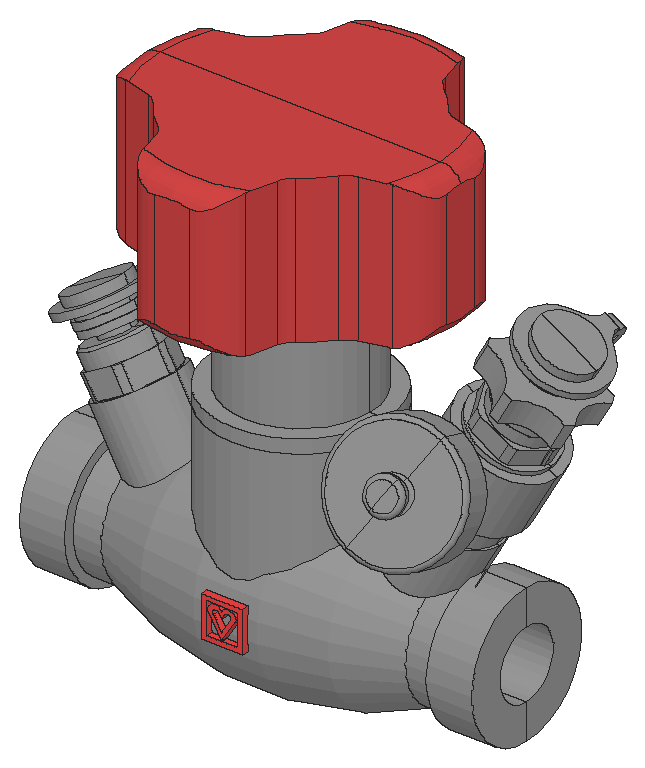
Revit family "HERZ Strömax Commissioning Valve With Test Points, Straight Body 4217 GML (LF-MF)", category Rohrzubehör, Revit 2020
Family settings
  Bemaßung runder Anschluss = Durchmesser verwenden
  Teiletyp = Unterbricht
  OmniClass-Nummer = 23.65.55.14
  OmniClass-Titel = Valves for Liquid Services
  Arbeitsebenenbasiert = Nein
  Immer vertikal = Ja
  Beim Laden mit Abzugskörper schneiden = Nein
  Gemeinsam genutzt = Nein
Parameters (values of type "MF")
  kvs-value [instance] = if(and(LF, Nennweite = 15.00 mm), 0.93, if(and(MF, Nennweite = 15.00 mm), 3.49, 0))  # 3.49
  W02 = 60.00°  # constant formula
  W01 = 30.00°  # constant formula
  Vorgabe-Ansicht = 0.00 mm
  URL = "www.herzvalves.com"
  SC_NennweiteBerechnet = 0
  SC_Dimension = ""
  SCRNSEQ = "ARM;ARM_TYP=\"STRV\";2"
  SCRNCODE = "05;07;02"  # constant formula
  S02 = 60.00 mm  # constant formula
  S01 [instance] = H00 + H01  # 68.20 mm
  R01 [instance] = 21.00 mm  # constant formula
  Part number [instance] = if(and(LF, Nennweite = 15.00 mm), 1421710, if(and(MF, Nennweite = 15.00 mm), 1421719, 0))  # 1421719
  Nennweite [instance] = 15.00 mm
  Model = "STRÖMAX-GML commissioning valve with test points and capillary connection 1/2′′ – 3′′:\r\nScrew down model, brass version, socket x socket, non-rising spindle, spindle seal by means of double-O-ring, presetting by limitation of valve lift by means of internal spindle;\r\ndigital display of presetting step at the hand wheel window.\r\nOne standard test point and one test point fitted with a capillary connection are located adjacent to the hand wheel."
  Medium = "Water purity in accordance with the OeNORM H5195 and VDI 2035 standards.\r\nEthylene and propylene glycol can be mixed to a ratio of 25 - 50 vol. [%]."
  Max. operating pressure = 1600000.0 Pa  # constant formula
  Max. operating temperature (up to DN32) = 130 °C  # constant formula
  Max. operating temperature (from DN40) = 110 °C  # constant formula
  ML02 [instance] = 30.20 mm  # constant formula
  ML01 [instance] = 20.67 mm  # constant formula
  MF [instance] = yes
  MD01 = 9.50 mm  # constant formula
  LF [instance] = no
  L02 [instance] = 10.00 mm  # constant formula
  L01 [instance] = 16.30 mm  # constant formula
  L00 [instance] = 100.00 mm  # constant formula
  IG [instance] = Nennweite / 2  # 7.50 mm
  Hersteller = "HERZ Armaturen Ges.m.b.H."  # constant formula
  H04 [instance] = 2.50 mm  # constant formula
  H03 = 10.00 mm  # constant formula
  H02 [instance] = 3.00 mm  # constant formula
  H01 [instance] = 33.30 mm  # constant formula
  H00 [instance] = 34.90 mm  # constant formula
  Weight [instance] = if(and(LF, Nennweite = 15.00 mm), "0.98 kg", if(and(MF, Nennweite = 15.00 mm), "0.97 kg", "0 kg"))  # "0.97 kg"
  GT [instance] = 15.00 mm  # constant formula
  Field of application = "For hydraulic balancing in heating and cooling systems, adjustment of distribution mains, circuits, heat exchangers, heating and cooling registers, etc."
  Installation position = "The non-rising valve spindle arranged perpendicular to the valve axis guarantees optimum accessibility and optimum valve operation in any installation position."
  Differential pressure measurement = "STRÖMAX-GML commissioning valve is equipped with two test points.\r\nThe differential pressure can be measured using a suitable measuring instrument, which permits calculation of the flow rate as a function of the respective presetting step.\r\nThe HERZ-Measuring computer (1 8900 05) permits direct flow rate reading (consult the equipment manual)."
  DN50-DN80 [instance] = H00 + H01  # 68.20 mm
  DN15-DN40 [instance] = H00 + H01  # 68.20 mm
  DN15 [instance] = Nennweite = 15.00 mm  # yes
  D06 [instance] = 15.40 mm  # constant formula
  D05 [instance] = 13.15 mm  # constant formula
  D04 = 9.00 mm  # constant formula
  D03 [instance] = 19.00 mm  # constant formula
  D02 [instance] = 15.25 mm  # constant formula
  D01 [instance] = 13.20 mm  # constant formula
  Body = "DZR brass"  # constant formula
Types (3, lengths in mm): name | kvs-value | Part number | MF | LF | Weight
  (no name) | 3.49 | 1421719 | yes | no | "0.97 kg"
  LF | 0.93 | 1421710 | no | yes | "0.98 kg"
  MF | 3.49 | 1421719 | yes | no | "0.97 kg"
Reference planes
  plane 1 "Mitte (Vorne/hinten)": y = 0
  plane 2: z = 0
  plane 3 "Mitte (Links/rechts)": x = 0
Forms (mm)
  Revolve 1, solid, material "Messing, weicher Gelbton, geschweißt", detail levels fine
    sketch origin (0, 0, 0) x (1, 0, 0) y (0, 0, 1)
      loop
        line (-50, 15.25) -> (-50, 7.5) -> (-35, 7.5) -> (-35, 0) -> (35, 0) -> (35, 7.5) -> (50, 7.5) -> (50, 15.25) -> (40, 15.25) -> (40, 13.2) -> (33.7, 13.2)
        arc (33.7, 13.2) -> (0, 21) -> (-33.7, 13.2) r 76.701
        line (-33.7, 13.2) -> (-40, 13.2) -> (-40, 15.25) -> (-50, 15.25)
      axis (-50, 0) -> (50, 0)
    angle from 0 to 360
  Revolve 2, solid, material "Messing, weicher Gelbton, geschweißt", detail levels fine
    sketch origin (0, 0, 0) x (1, 0, 0) y (0, 0, 1)
      loop
        line (20.67, 0) -> (35.77, 26.154) -> (27.543, 30.904) -> (12.443, 4.75) -> (20.67, 0)
      axis (20.67, 0) -> (35.77, 26.154)
    angle from 0 to 360
  Revolve 3, solid, material "Messing, weicher Gelbton, geschweißt", detail levels fine
    sketch origin (0, 0, 0) x (1, 0, 0) y (0, 0, 1)
      loop
        line (0, 0) -> (0, 34.9) -> (-19, 34.9) -> (-19, 0) -> (0, 0)
      axis (0, 34.9) -> (0, 0)
    angle from 0 to 360
  Revolve 4, solid, material "Messing, weicher Gelbton, geschweißt", detail levels fine
    sketch origin (0, 0, 0) x (-1, 0, 0) y (0, 0, 1)
      loop
        line (20.67, 0) -> (35.77, 26.154) -> (27.543, 30.904) -> (12.443, 4.75) -> (20.67, 0)
      axis (20.67, 0) -> (35.77, 26.154)
    angle from 0 to 360
  Revolve 5, solid, material "Messing, weicher Gelbton, geschweißt", detail levels fine
    sketch origin (0, 0, 0) x (1, 0, 0) y (0, 0, 1)
      loop
        line (0, 34.9) -> (0, 68.2) -> (-9, 68.2) -> (-9, 58.2) -> (-13.15, 58.2) -> (-13.15, 55.7) -> (-15.4, 55.7) -> (-15.4, 37.9) -> (-19, 37.9) -> (-19, 34.9) -> (0, 34.9)
      axis (0, 68.2) -> (0, 34.9)
    angle from 0 to 360
Lines and regions (mm)
  model lines, detail levels coarse+medium
    curve 1: line (-50, 0, 15.25) -> (-50, 0, -15.25)
    curve 2: line (-50, 0, -15.25) -> (50, 0, 15.25)
    curve 3: line (50, 0, 15.25) -> (50, 0, -15.25)
    curve 4: line (50, 0, -15.25) -> (-50, 0, 15.25)
    curve 5: line (0, 0, 0) -> (39.375, 0, 68.2)
    curve 6: line (13.395, 0, 83.2) -> (65.356, 0, 53.2)
    curve 7: line (-50, 15.25, 0) -> (-50, -15.25, 0)
    curve 8: line (-50, -15.25, 0) -> (50, 15.25, 0)
    curve 9: line (50, 15.25, 0) -> (50, -15.25, 0)
    curve 10: line (50, -15.25, 0) -> (-50, 15.25, 0)
    curve 11: line (0, 0, 0) -> (39.375, 68.2, 0)
    curve 12: line (13.395, 83.2, 0) -> (65.356, 53.2, 0)
Dimensions and locks
  "IG": Revolve 1 sketch curve to plane 2
  "GT": Revolve 1 sketch curve to Revolve 1 sketch curve  (x2)
  "IG": Revolve 1 sketch curve to Revolve 1 sketch curve
  "D01": Revolve 1 sketch curve to Revolve 1 sketch curve  (x2)
  "R01": Revolve 1 sketch curve to Revolve 1 sketch curve
  "L02": Revolve 1 sketch curve to Revolve 1 sketch curve  (x2)
  "L01": Revolve 1 sketch curve to Revolve 1 sketch curve  (x2)
  "D02": Revolve 1 sketch curve to plane 2  (x2)
  equal spacing: Revolve 1 sketch curve, plane 3 "Mitte (Links/rechts)", Revolve 1 sketch curve
  "L00": Revolve 1 sketch curve to Revolve 1 sketch curve
  "R01": nested 1 to plane 1 "Mitte (Vorne/hinten)"
  "ML01": Revolve 2 sketch curve to plane 3 "Mitte (Links/rechts)"
  "H00": Revolve 3 sketch curve to plane 2
  "D03": Revolve 3 sketch curve to Revolve 3 sketch curve
  "ML02": Revolve 2 sketch curve to Revolve 2 sketch curve
  "MD01": Revolve 2 sketch curve to Revolve 2 sketch curve  (x2)
  "ML02": Revolve 4 sketch curve to Revolve 4 sketch curve
  "MD01": Revolve 4 sketch curve to Revolve 4 sketch curve  (x2)
  "ML01": plane 3 "Mitte (Links/rechts)" to Revolve 4 sketch curve
  "H00": Revolve 5 sketch curve to plane 2
  "H01": Revolve 5 sketch curve to Revolve 5 sketch curve
  "D04": Revolve 5 sketch curve to Revolve 5 sketch curve
  "D03": Revolve 5 sketch curve to Revolve 5 sketch curve
  "D05": Revolve 5 sketch curve to Revolve 5 sketch curve
  "D06": Revolve 5 sketch curve to Revolve 5 sketch curve
  "H02": Revolve 5 sketch curve to Revolve 5 sketch curve
  "H03": Revolve 5 sketch curve to Revolve 5 sketch curve
  "H04": Revolve 5 sketch curve to Revolve 5 sketch curve
  "DN15-DN40": nested 2 to plane 2
  "D02": curve 4 to plane 2 to curve 2
  "D02": curve 3 to plane 2 to curve 4
  equal spacing: curve 1, plane 3 "Mitte (Links/rechts)", curve 3
  "L00": curve 1 to curve 3
  equal spacing: Revolve 1, curve 5, Revolve 1
  "S01": curve 5 to plane 2
  equal spacing: curve 6, curve 5, curve 6
  "S02": curve 6 to curve 6
  "D02": curve 8 to plane 1 "Mitte (Vorne/hinten)" to curve 10
  "D02": curve 10 to plane 1 "Mitte (Vorne/hinten)" to curve 9
  equal spacing: curve 7, plane 3 "Mitte (Links/rechts)", curve 9
  "L00": curve 7 to curve 9
  equal spacing: curve 7, curve 11, curve 9
  "S01": plane 1 "Mitte (Vorne/hinten)" to curve 11
  equal spacing: curve 12, curve 11, curve 12
  "S02": curve 12 to curve 12
  "W01": angle Revolve 2 sketch curve to plane 3 "Mitte (Links/rechts)"  (x2)
  "W01": angle plane 3 "Mitte (Links/rechts)" to Revolve 4 sketch curve  (x2)
  "W02": angle plane 2 to curve 5
  "W02": angle plane 1 "Mitte (Vorne/hinten)" to curve 11
  aligned and locked: level to plane 2
Automatic sketch dimensions
  Revolve 1 sketch curve to level = 0.00 mm  (x2)
  Revolve 1 sketch curve to Revolve 1 sketch curve = 1429.986 mm
  Revolve 1 sketch curve to Revolve 1 sketch curve = 1762.604 mm
  Revolve 2 sketch curve to level = 0.00 mm  (x2)
  Revolve 3 sketch curve to level = 0.00 mm
  Revolve 3 sketch curve to plane 3 "Mitte (Links/rechts)" = 0.00 mm  (x2)
  Revolve 3 sketch curve to Revolve 3 sketch curve = 366.045 mm
  Revolve 3 sketch curve to Revolve 3 sketch curve = 2179.415 mm
  Revolve 4 sketch curve to level = 0.00 mm  (x2)
  Revolve 5 sketch curve to plane 3 "Mitte (Links/rechts)" = 0.00 mm  (x2)
  Revolve 5 sketch curve to level = 366.045 mm
  Revolve 5 sketch curve to Revolve 5 sketch curve = 2146.115 mm
Nested families
  nested 1: "Herz-Logo-vorne" at (0, -21, 0) x (0, 1, 0) z (0, 0, 1), type "Herz-Logo-vorne", detail levels fine
  nested 2: "Strangregulierventil-Handrad-Gerade (Rot) DN15-DN40" at (0, 0, 68.2), visible <- "DN15", type "Strangregulierventil-Handrad-Gerade (Rot) DN15-DN40", detail levels fine
    with Nennweite 0.00 mm, Gewicht 0.00 kg, Bestellnummer 0
  nested 3: "Messstutzen_Band-KFE_Austritt_30Grad_(oben)" at (41.17, 0, 35.507), visible <- "DN15", type "Messstutzen_Band_Austritt_30Grad_(oben)", detail levels fine
    with Schutzkappe yes, Nennweite 0.00 mm, Gewicht 0.00 kg, Bestellnummer 0
  nested 4: "Messstutzen_Band_Eintritt_30Grad_(oben)" at (-27.02, 0, 10.999) x (-1, 0, 0) z (0, 0, 1), visible <- "DN15", type "Messstutzen_Band_Eintritt_30Grad_(oben)", detail levels fine
    with Schutzkappe yes, Nennweite 0.00 mm, Gewicht 0.00 kg, Bestellnummer 0
Connectors
  piping at (-35, 0, 0), diameter 15, driven by "Nennweite"
    settings: on Revolve 1, index 1, connector inside diameter 609.6 mm, connector length 0.00 mm, flow factor 0, pipe flow 0.0 L/s, pressure drop 0.0 Pa, fitting loss kfactor 0, connector angle 0.00°, fixture units 0, engagement length 0.00 mm, angle of deflection 0.00°, flow configuration 0, flow direction 1, fitting loss method 0, system type 29, joint type 0, gender type 0, connector reference index -1, connector utility 0, adjustable connector no, is connector primary yes, connector description ""
  piping at (35, 0, 0), diameter 15, driven by "Nennweite"
    settings: on Revolve 1, index 2, connector inside diameter 609.6 mm, connector length 0.00 mm, flow factor 0, pipe flow 0.0 L/s, pressure drop 0.0 Pa, fitting loss kfactor 0, connector angle 0.00°, fixture units 0, engagement length 0.00 mm, angle of deflection 0.00°, flow configuration 0, flow direction 2, fitting loss method 0, system type 29, joint type 0, gender type 0, connector reference index -1, connector utility 0, adjustable connector no, is connector primary no, connector description ""
Definition of nested family "Herz-Logo-vorne"
  Parameters (values of type "Herz-Logo-vorne")
    Default Elevation = 0.00 mm
  Reference planes
    plane 1 "Mitte (Vorne/hinten)": y = 0
    plane 2: z = 0
    plane 3 "Mitte (Links/rechts)": x = 0
  Forms (mm)
    Extrusion 1, solid
      sketch origin (0.732, -0.018, 0.017) x (0, -1, 0) y (0, 0, 1)
        loop
          line (-0.018, -4.517) -> (4.482, -4.517) -> (4.482, 4.483) -> (-4.518, 4.483) -> (-4.518, -4.517) -> (-0.018, -4.517)
        loop
          line (-0.05, -3.48) -> (3.482, -3.48) -> (3.482, 3.483) -> (-3.518, 3.483) -> (-3.518, -3.48) -> (-0.05, -3.48)
        loop
          arc (-0.018, 2.383) -> (-1.543, 3.287) -> (-3.067, 2.383) r 1.738
          arc (-3.067, 2.383) -> (-3.191, 1.899) -> (-3.067, 1.415) r 1.009
          line (-3.067, 1.415) -> (-0.018, -3.281) -> (3.032, 1.415)
          arc (3.032, 1.415) -> (3.156, 1.899) -> (3.032, 2.383) r 1.009
          arc (3.032, 2.383) -> (1.507, 3.287) -> (-0.018, 2.383) r 1.738
        loop
          arc (1.885, 1.272) -> (2.005, 1.675) -> (1.885, 2.079) r 0.74
          arc (1.885, 2.079) -> (1.265, 2.416) -> (0.644, 2.079) r 0.74
          line (0.644, 2.079) -> (-0.018, 0.97) -> (-0.679, 2.079)
          arc (-0.679, 2.079) -> (-1.3, 2.416) -> (-1.921, 2.079) r 0.74
          arc (-1.921, 2.079) -> (-2.04, 1.675) -> (-1.921, 1.272) r 0.74
          line (-1.921, 1.272) -> (-0.018, -1.658) -> (1.885, 1.272)
      from 0 to 1.5
  Dimensions and locks
    aligned and locked: level to plane 2
Definition of nested family "Strangregulierventil-Handrad-Gerade (Rot) DN15-DN40"
  Parameters (values of type "Strangregulierventil-Handrad-Gerade (Rot) DN15-DN40")
    Default Elevation = 0.00 mm
    URL = "www.herz-armaturen.at"
    Nennweite [instance] = 0.00 mm
    Manufacturer = "Herz Armaturen GmbH"  # constant formula
    Gewicht [instance] = 0.00 kg
    Bestellnummer [instance] = 0
  Reference planes
    plane 1 "Mitte (Vorne/hinten)": y = 0
    plane 2: z = 0
    plane 3 "Mitte (Links/rechts)": x = 0
  Forms (mm)
    Revolve 1, solid, detail levels fine
      sketch origin (0, 0, 0) x (1, 0, 0) y (0, 0, 1)
        loop
          line (0, 0) -> (0, 24.95) -> (-30.992, 24.95)
          arc (-30.992, 24.95) -> (-34.37, 23.636) -> (-35.973, 20.386) r 5
          line (-35.973, 20.386) -> (-37, 8.65) -> (-35.986, -2.936)
          arc (-35.986, -2.936) -> (-34.383, -6.186) -> (-31.005, -7.5) r 5
          line (-31.005, -7.5) -> (-15, -7.5) -> (-15, 0) -> (0, 0)
        axis (0, 24.95) -> (0, -7.5)
      angle from 0 to 360
    Extrusion 2, void
      sketch origin (0, 0, 20.3) x (1, 0, 0) y (0, 1, 0)
        loop
          line (3.861, 35.5) -> (-3.861, 35.5)
          arc (-3.861, 35.5) -> (-8.731, 33.847) -> (-11.589, 29.571) r 8
          line (-11.589, 29.571) -> (-13.284, 23.245)
          arc (-13.284, 23.245) -> (-13.982, 21.722) -> (-15.144, 20.516) r 5
          arc (-15.144, 20.516) -> (-18.031, 18.031) -> (-20.516, 15.144) r 25.5
          arc (-20.516, 15.144) -> (-21.722, 13.982) -> (-23.245, 13.284) r 5
          line (-23.245, 13.284) -> (-29.571, 11.589)
          arc (-29.571, 11.589) -> (-33.847, 8.731) -> (-35.5, 3.861) r 8
          line (-35.5, 3.861) -> (-35.5, -3.861)
          arc (-35.5, -3.861) -> (-33.847, -8.731) -> (-29.571, -11.589) r 8
          line (-29.571, -11.589) -> (-23.245, -13.284)
          arc (-23.245, -13.284) -> (-21.722, -13.982) -> (-20.516, -15.144) r 5
          arc (-20.516, -15.144) -> (-18.031, -18.031) -> (-15.144, -20.516) r 25.5
          arc (-15.144, -20.516) -> (-13.982, -21.722) -> (-13.284, -23.245) r 5
          line (-13.284, -23.245) -> (-11.589, -29.571)
          arc (-11.589, -29.571) -> (-8.731, -33.847) -> (-3.861, -35.5) r 8
          line (-3.861, -35.5) -> (3.861, -35.5)
          arc (3.861, -35.5) -> (8.731, -33.847) -> (11.589, -29.571) r 8
          line (11.589, -29.571) -> (13.284, -23.245)
          arc (13.284, -23.245) -> (13.982, -21.722) -> (15.144, -20.516) r 5
          arc (15.144, -20.516) -> (18.031, -18.031) -> (20.516, -15.144) r 25.5
          arc (20.516, -15.144) -> (21.722, -13.982) -> (23.245, -13.284) r 5
          line (23.245, -13.284) -> (29.571, -11.589)
          arc (29.571, -11.589) -> (33.847, -8.731) -> (35.5, -3.861) r 8
          line (35.5, -3.861) -> (35.5, 3.861)
          arc (35.5, 3.861) -> (33.847, 8.731) -> (29.571, 11.589) r 8
          line (29.571, 11.589) -> (23.245, 13.284)
          arc (23.245, 13.284) -> (21.722, 13.982) -> (20.516, 15.144) r 5
          arc (20.516, 15.144) -> (18.031, 18.031) -> (15.144, 20.516) r 25.5
          arc (15.144, 20.516) -> (13.982, 21.722) -> (13.284, 23.245) r 5
          line (13.284, 23.245) -> (11.589, 29.571)
          arc (11.589, 29.571) -> (8.731, 33.847) -> (3.861, 35.5) r 8
        loop
          circle (0, 0) r 38
      from -31.266 to 7.923
  Cuts and joins
    Extrusion 2 cuts Revolve 1
  Dimensions and locks
    Revolve 1 sketch curve to Revolve 1 sketch curve = 15.00 mm
    Revolve 1 sketch curve to Revolve 1 sketch curve = 16.15 mm
    Revolve 1 sketch curve to Revolve 1 sketch curve = 16.30 mm
    angle Revolve 1 sketch curve to Revolve 1 sketch curve = 95.00°
    aligned and locked: level to plane 2
Definition of nested family "Messstutzen_Band-KFE_Austritt_30Grad_(oben)"
  Parameters (values of type "Messstutzen_Band-KFE_Austritt_30Grad_(oben)")
    Default Elevation = 0.00 mm
    URL = "www.herz-armaturen.at"
    Schutzkappe [instance] = yes
    Nennweite [instance] = 0.00 mm
    Manufacturer = "Herz Armaturen GmbH"  # constant formula
    Gewicht [instance] = 0.00 kg
    Bestellnummer [instance] = 0
  Reference planes
    plane 1 "Mitte (Vorne/hinten)": y = 0
    plane 2: z = 0
    plane 3 "Mitte (Links/rechts)": x = 0
  Forms (mm)
    Revolve 1, solid, detail levels fine
      sketch origin (0, 0, 0) x (0.866025, 0, -0.5) y (0.5, 0, 0.866025)
        loop
          line (-7.4, 9) -> (-5.55, 9) -> (-5.55, 6)
          arc (-5.55, 6) -> (-5.626, 5.617) -> (-5.843, 5.293) r 1
          line (-5.843, 5.293) -> (-6.455, 4.681) -> (-6.455, 0.9) -> (-5.555, 0) -> (-2, 0) -> (-2, 23) -> (-2, 35.8) -> (-3.805, 35.8) -> (-4.415, 35.19) -> (-4.415, 30.863) -> (-3.7, 30.45) -> (-3.7, 27) -> (-7.4, 27) -> (-7.4, 9)
        axis (0, 0) -> (0, 35.8)
      angle from 0 to 360
    Extrusion 2, solid, detail levels fine
      sketch origin (8.75, 0, 15.155) x (0, 1, 0) y (-0.866025, 0, 0.5)
        loop
          arc (-7.07, 5.156) -> (-7.578, 4.375) -> (-8, 3.544) r 8.75
          line (-8, 3.544) -> (-8, -3.544)
          arc (-8, -3.544) -> (-7.578, -4.375) -> (-7.07, -5.156) r 8.75
          line (-7.07, -5.156) -> (-0.93, -8.7)
          arc (-0.93, -8.7) -> (0, -8.75) -> (0.93, -8.7) r 8.75
          line (0.93, -8.7) -> (7.07, -5.156)
          arc (7.07, -5.156) -> (7.578, -4.375) -> (8, -3.544) r 8.75
          line (8, -3.544) -> (8, 3.544)
          arc (8, 3.544) -> (7.578, 4.375) -> (7.07, 5.156) r 8.75
          line (7.07, 5.156) -> (0.93, 8.7)
          arc (0.93, 8.7) -> (0, 8.75) -> (-0.93, 8.7) r 8.75
          line (-0.93, 8.7) -> (-7.07, 5.156)
      from -5.51 to -1.21
    Revolve 3, solid, visible <- "Schutzkappe", detail levels fine
      sketch origin (0, 0, 0) x (0.866025, 0, -0.5) y (0.5, 0, 0.866025)
        loop
          line (0, 35.878) -> (0, 36.678) -> (-7, 36.678) -> (-7, 33.378) -> (-6.1, 33.378) -> (-6.1, 31.678) -> (-6.9, 31.678) -> (-6.9, 30.178) -> (-4.415, 30.178) -> (-4.415, 35.268) -> (-3.805, 35.878) -> (0, 35.878)
        axis (0, 30.178) -> (0, 36.678)
      angle from 0 to 360
    Extrusion 4, solid, detail levels fine
      sketch origin (15, 0, 25.981) x (0, 1, 0) y (0.866025, 0, -0.5)
        loop
          circle (0, 0) r 3.7
        loop
          arc (5.505, -3.906) -> (7.288, -2.358) -> (9.582, -1.8) r 5
          line (9.582, -1.8) -> (9.582, 1.8)
          arc (9.582, 1.8) -> (7.288, 2.358) -> (5.505, 3.906) r 5
          arc (5.505, 3.906) -> (-6.75, 0) -> (5.505, -3.906) r 6.75
      from 0 to -1.5
    Extrusion 5, solid, detail levels fine
      sketch origin (16.589, 0, 28.733) x (0, 1, 0) y (0.866025, 0, -0.5)
        loop
          circle (0, 0) r 6.1
        loop
          arc (8.652, -4.495) -> (10.493, -2.527) -> (13.089, -1.8) r 5
          line (13.089, -1.8) -> (13.089, 1.8)
          arc (13.089, 1.8) -> (10.493, 2.527) -> (8.652, 4.495) r 5
          arc (8.652, 4.495) -> (-9.75, 0) -> (8.652, -4.495) r 9.75
      from 0 to -1.5
    Sweep 6, solid, detail levels fine
      path origin (0, 0, 0) x (-0.5, 0, -0.866025) y (0, 1, 0)
        loop
          line (-29.25, 9.582) -> (-29.25, 14.522)
          arc (-29.25, 14.522) -> (-30.839, 16.112) -> (-32.428, 14.522) r 1.589
          line (-32.428, 14.522) -> (-32.428, 13.089)
      profile origin (14.625, 12.052, 25.331) x (0.5, 0, 0.866025) y (0.866025, 0, -0.5)
        loop
          line (-0.75, -1.8) -> (0.75, -1.8) -> (0.75, 1.8) -> (-0.75, 1.8) -> (-0.75, -1.8)
    Extrusion 7, solid, detail levels fine
      sketch origin (-87.639, 0, 50.598) x (0.866025, 0, -0.5) y (0, 1, 0)
        loop
          arc (112.053, 5.113) -> (111.589, 6) -> (111.053, 6.845) r 12
          arc (111.053, 6.845) -> (105.696, 7.794) -> (102.196, 11.958) r 7.971
          arc (102.196, 11.958) -> (101.196, 12) -> (100.196, 11.958) r 12
          arc (100.196, 11.958) -> (96.696, 7.794) -> (91.34, 6.845) r 7.971
          arc (91.34, 6.845) -> (90.804, 6) -> (90.34, 5.113) r 12
          arc (90.34, 5.113) -> (92.196, 0) -> (90.34, -5.113) r 7.971
          arc (90.34, -5.113) -> (90.804, -6) -> (91.34, -6.845) r 12
          arc (91.34, -6.845) -> (96.696, -7.794) -> (100.196, -11.958) r 7.971
          arc (100.196, -11.958) -> (101.196, -12) -> (102.196, -11.958) r 12
          arc (102.196, -11.958) -> (105.696, -7.794) -> (111.053, -6.845) r 7.971
          arc (111.053, -6.845) -> (111.589, -6) -> (112.053, -5.113) r 12
          arc (112.053, -5.113) -> (110.196, 0) -> (112.053, 5.113) r 7.971
      from 22.3 to 28.5
    Revolve 8, solid, detail levels fine
      sketch origin (-47.563, 0, 4.367) x (-0.866025, 0, 0.5) y (0.5, 0, 0.866025)
        loop
          line (-43.374, 0) -> (-37.874, 0) -> (-36.774, 1.1) -> (-36.774, 4.9) -> (-37.874, 6) -> (-37.874, 8.4) -> (-36.424, 8.4) -> (-36.424, 9.2) -> (-34.424, 9.2) -> (-34.424, 15.59) -> (-31.874, 15.59) -> (-31.874, 30.99) -> (-33.874, 30.99) -> (-33.874, 31.99) -> (-43.374, 31.99) -> (-43.374, 0)
        loop
          line (-43.374, 39) -> (-43.374, 36.29) -> (-35.874, 36.29) -> (-35.874, 39) -> (-43.374, 39)
        axis (-43.374, 39) -> (-43.374, 0)
      angle from 0 to 360
    Revolve 9, solid, detail levels fine
      sketch origin (0, 0, 0) x (0, -1, 0) y (0.5, 0, 0.866025)
        loop
          line (0, -1.01) -> (32.627, 14.204) -> (27.556, 25.08) -> (25.934, 25.67) -> (21.602, 23.65) -> (14.873, 11.994) -> (-2.324, 3.975) -> (0, -1.01)
        axis (32.627, 14.204) -> (0, -1.01)
      angle from 0 to 360
    Revolve 10, solid, detail levels fine
      sketch origin (-19.899, -51.188, -34.465) x (-0.453154, -0.422618, -0.784886) y (0.211309, -0.906308, 0.365998)
        loop
          line (-56.786, 8) -> (-45.747, 8) -> (-45.747, 0) -> (-43.834, 0) -> (-42.786, 1.048) -> (-42.786, 8.048)
          arc (-42.786, 8.048) -> (-43.065, 8.721) -> (-43.738, 9) r 0.952
          line (-43.738, 9) -> (-52.974, 9)
          arc (-52.974, 9) -> (-53.548, 9.238) -> (-53.786, 9.812) r 0.812
          line (-53.786, 9.812) -> (-53.786, 12) -> (-52.786, 12) -> (-52.786, 13.03)
          arc (-52.786, 13.03) -> (-53.07, 13.716) -> (-53.756, 14) r 0.97
          line (-53.756, 14) -> (-56.786, 14) -> (-56.786, 8)
        axis (-56.786, 14) -> (-56.786, 0)
      angle from 0 to 360
  Dimensions and locks
    aligned and locked: level to plane 2
Definition of nested family "Messstutzen_Band_Eintritt_30Grad_(oben)"
  Parameters (values of type "Messstutzen_Band_Eintritt_30Grad_(oben)")
    Default Elevation = 0.00 mm
    URL = "www.herz-armaturen.at"
    Schutzkappe [instance] = yes
    Nennweite [instance] = 0.00 mm
    Manufacturer = "Herz Armaturen GmbH"  # constant formula
    Gewicht [instance] = 0.00 kg
    Bestellnummer [instance] = 0
  Reference planes
    plane 1 "Mitte (Vorne/hinten)": y = 0
    plane 2: z = 0
    plane 3 "Mitte (Links/rechts)": x = 0
  Forms (mm)
    Revolve 1, solid, detail levels fine
      sketch origin (0, 0, 0) x (0.866025, 0, -0.5) y (0.5, 0, 0.866025)
        loop
          line (-7.4, 9) -> (-5.55, 9) -> (-5.55, 6)
          arc (-5.55, 6) -> (-5.626, 5.617) -> (-5.843, 5.293) r 1
          line (-5.843, 5.293) -> (-6.455, 4.681) -> (-6.455, 0.9) -> (-5.555, 0) -> (-2, 0) -> (-2, 17.5) -> (-8.4, 17.5)
          arc (-8.4, 17.5) -> (-7.693, 17.207) -> (-7.4, 16.5) r 1
          line (-7.4, 16.5) -> (-7.4, 9)
        loop
          line (-3.7, 27) -> (-7.3, 27) -> (-7.9, 26.4) -> (-7.9, 23) -> (-2, 23) -> (-2, 35.8) -> (-3.805, 35.8) -> (-4.415, 35.19) -> (-4.415, 30.863) -> (-3.7, 30.45) -> (-3.7, 27)
        axis (0, 0) -> (0, 35.8)
      angle from 0 to 360
    Extrusion 2, solid, detail levels fine
      sketch origin (8.75, 0, 15.155) x (0, 1, 0) y (-0.866025, 0, 0.5)
        loop
          arc (-7.07, 5.156) -> (-7.578, 4.375) -> (-8, 3.544) r 8.75
          line (-8, 3.544) -> (-8, -3.544)
          arc (-8, -3.544) -> (-7.578, -4.375) -> (-7.07, -5.156) r 8.75
          line (-7.07, -5.156) -> (-0.93, -8.7)
          arc (-0.93, -8.7) -> (0, -8.75) -> (0.93, -8.7) r 8.75
          line (0.93, -8.7) -> (7.07, -5.156)
          arc (7.07, -5.156) -> (7.578, -4.375) -> (8, -3.544) r 8.75
          line (8, -3.544) -> (8, 3.544)
          arc (8, 3.544) -> (7.578, 4.375) -> (7.07, 5.156) r 8.75
          line (7.07, 5.156) -> (0.93, 8.7)
          arc (0.93, 8.7) -> (0, 8.75) -> (-0.93, 8.7) r 8.75
          line (-0.93, 8.7) -> (-7.07, 5.156)
      from 0 to 5.5
    Revolve 3, solid, visible <- "Schutzkappe", detail levels fine
      sketch origin (0, 0, 0) x (0.866025, 0, -0.5) y (0.5, 0, 0.866025)
        loop
          line (0, 35.878) -> (0, 36.678) -> (-7, 36.678) -> (-7, 33.378) -> (-6.1, 33.378) -> (-6.1, 31.678) -> (-6.9, 31.678) -> (-6.9, 30.178) -> (-4.415, 30.178) -> (-4.415, 35.268) -> (-3.805, 35.878) -> (0, 35.878)
        axis (0, 30.178) -> (0, 36.678)
      angle from 0 to 360
    Extrusion 4, solid, detail levels fine
      sketch origin (14.25, 0, 24.682) x (0, 1, 0) y (0.866025, 0, -0.5)
        loop
          circle (0, 0) r 3.7
        loop
          arc (5.505, -3.906) -> (7.288, -2.358) -> (9.582, -1.8) r 5
          line (9.582, -1.8) -> (9.582, 1.8)
          arc (9.582, 1.8) -> (7.288, 2.358) -> (5.505, 3.906) r 5
          arc (5.505, 3.906) -> (-6.75, 0) -> (5.505, -3.906) r 6.75
      from 0 to -1.5
    Extrusion 5, solid, detail levels fine
      sketch origin (16.589, 0, 28.733) x (0, 1, 0) y (0.866025, 0, -0.5)
        loop
          circle (0, 0) r 6.1
        loop
          arc (8.652, -4.495) -> (10.493, -2.527) -> (13.089, -1.8) r 5
          line (13.089, -1.8) -> (13.089, 1.8)
          arc (13.089, 1.8) -> (10.493, 2.527) -> (8.652, 4.495) r 5
          arc (8.652, 4.495) -> (-9.75, 0) -> (8.652, -4.495) r 9.75
      from 0 to -1.5
    Sweep 6, solid, detail levels fine
      path origin (0.933, -0.183, 1.116) x (-0.5, 0, -0.866025) y (0, 1, 0)
        loop
          line (-27.75, 9.582) -> (-27.75, 14.522)
          arc (-27.75, 14.522) -> (-30.089, 16.862) -> (-32.428, 14.522) r 2.339
          line (-32.428, 14.522) -> (-32.428, 13.089)
      profile origin (14.808, 11.869, 25.148) x (0.5, 0, 0.866025) y (0.866025, 0, -0.5)
        loop
          line (-0.75, -1.8) -> (0.75, -1.8) -> (0.75, 1.8) -> (-0.75, 1.8) -> (-0.75, -1.8)
  Dimensions and locks
    aligned and locked: level to plane 2
